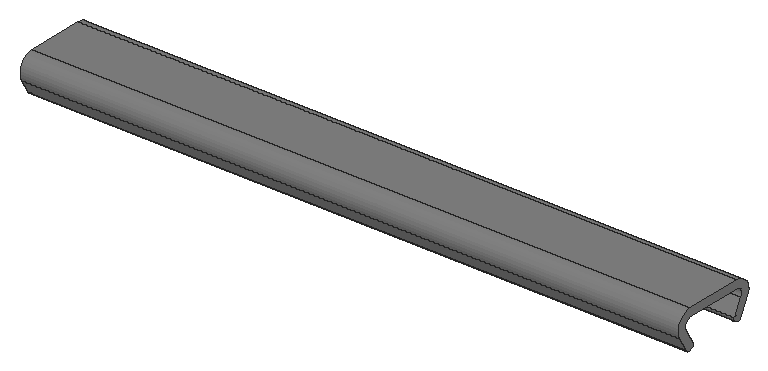
Revit family "SIGNUM Dämmprofil LP50", category HLS-Bauteile, Revit 2023
Family settings
  Bemaßung runder Anschluss = Durchmesser verwenden
  Klassifizierung = Keine
  Teiletyp = Normal
  Arbeitsebenenbasiert = Ja
  Immer vertikal = Nein
  Beim Laden mit Abzugskörper schneiden = Nein
  Beschriftungsausrichtung beibehalten = Nein
  Gemeinsam genutzt = Ja
  Raumberechnungspunkt = Nein
Parameters
  vpe = "10"
  max. Temperaturbeständigkeit = "100 °C"
  Default Elevation = 1219.2 mm
  Stärke = 3 mm
  Regelhalter [instance] = ""
  Profiltyp = "LP50"
  Montagelänge [instance] = 250 mm
  Mengeneinheit = "m"
  Materialname = "TPE"
  Material = "Gummi"
  Länge = 10000 mm
  Kurztext2 = "10 m Gummi"
  Kurztext1 = "SIGNUM Dämmprofil LP50"
  Gewicht pro Stück [instance] = (Gewicht * Montagelänge / (1000 mm * 1000 mm)) * 1000 mm  # 0.05525 kg
  Gewicht pro Bauteil [instance] = Gewicht pro Stück  # 0.05525 kg
  Gewicht = 0.221 kg
  Farbe = "Schwarz"
  Fabrikat = "MEFA"
  EAN = "4250928467904"
  Breite = 33 mm
  Artikelnummer = "7100036"
Reference planes
  plane 1 "Mitte (Vorne/hinten)": y = 0
  plane 2: z = 0
  plane 3 "Mitte (Links/rechts)": x = 0
  plane 4: y = 13.485
  plane 5: y = 16.515
  plane 6: y = -16.515
  plane 7: y = -13.515
Forms (mm)
  Extrusion 1, solid, material "MEFA Gummi TPE"
    sketch origin (0.015, -0.015, 0) x (0, 1, 0) y (0, 0, 1)
      loop
        line (-9.961, -9.3) -> (-13.165, -3.75)
        arc (-13.165, -3.75) -> (-13.165, -1.25) -> (-11, 0) r 2.5
        line (-11, 0) -> (11, 0)
        arc (11, 0) -> (13.165, -1.25) -> (13.165, -3.75) r 2.5
        line (13.165, -3.75) -> (9.961, -9.3)
        arc (9.961, -9.3) -> (9.861, -10.059) -> (10.327, -10.666) r 1
        line (10.327, -10.666) -> (11.193, -11.166)
        arc (11.193, -11.166) -> (11.952, -11.266) -> (12.559, -10.8) r 1
        line (12.559, -10.8) -> (15.5, -5.705)
        arc (15.5, -5.705) -> (15.924, 0.012) -> (11.031, 3) r 5.5
        line (11.031, 3) -> (-11, 3)
        arc (-11, 3) -> (-15.763, 0.25) -> (-15.763, -5.25) r 5.5
        line (-15.763, -5.25) -> (-12.559, -10.8)
        arc (-12.559, -10.8) -> (-11.952, -11.266) -> (-11.193, -11.166) r 1
        line (-11.193, -11.166) -> (-10.327, -10.666)
        arc (-10.327, -10.666) -> (-9.861, -10.059) -> (-9.961, -9.3) r 1
    from 0 to 250 <- "Montagelänge"
Dimensions and locks
  Extrusion 1 sketch curve to Extrusion 1 sketch curve = 3 mm  (x3)
  plane 7 to plane 4 = 27 mm
  plane 6 to plane 5 = 33.031 mm
  aligned and locked: level to plane 2
